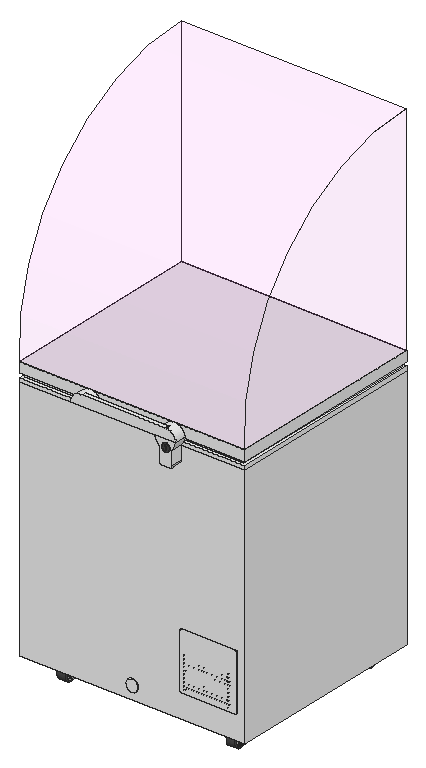
Revit family "QF_Summit_EL11LT_Chest_Freezer", category Specialty Equipment, Revit 2020
Family settings
  Round Connector Dimension = Use Diameter
  Part Type = Normal
  Work Plane-Based = No
  Always vertical = Yes
  Cut with Voids When Loaded = No
  Shared = No
  Room Calculation Point = No
Parameters
  Weight in Pounds = 110
  Watts = Volts * FL Amps  # 828 W
  Volts = 115 V
  URL Cutsheet = ""
  Specification by User = ""
  Specification by Manufacturer = ""
  Show Clearance [instance] = yes
  Serial Number = ""
  Seismic Rating = ""
  SMACNA No = ""
  Revision Code = ""
  Refrigerant Volume = 0.00 kip
  Refrigerant Type = "R290a"
  Phase = 1
  Number of Poles = 1
  NAFEM Spec ID Number = ""
  Model = "EL11LT"
  Min Ckt Ampacity = 0 A
  Max Overcurrent Protection = 0 A
  Masterspec = ""
  Manufacturer = "Summit"
  Length = 28 1/2"
  Item Number = ""
  Installed By = ""
  Identify Quantity as Lot = yes
  Height = 36 1/4"
  HP = ""
  Furnished By = ""
  Foodservice Equipment Identifier = yes
  FL Amps = 7.2 A
  Electrical Remarks = ""
  Electric Connection Type = ""
  Elec Conn RI Height = 0"
  Elec Conn Connection Height = 0"
  Description = "Chest Freezer"
  Depth = 28 3/4"
  Default Elevation = 0"
  Cycle = 60 Hz
  Conn Plug = ""
  Conn Conduit = yes
  CSI MasterFormat = ""
  BTUH = 0.0 Btu/h
  Apparent Power = 0 VA
Reference planes (in)
  plane 1 "BACK": y = 0
  plane 2: z = 0
  plane 3 "LEFT": x = 0
  plane 4 "RIGHT": x = 28.5
  plane 5 "FRONT": y = -28.75
  plane 6 "TOP": z = 36.25
  plane 7 "Center Y": x = 14.25
  plane 8 "Center X": y = -14.375
Dimensions and locks (in)
  equal spacing: plane 3 "LEFT", plane 7 "Center Y", plane 4 "RIGHT"
  "Length": plane 3 "LEFT" to plane 4 "RIGHT"
  equal spacing: plane 5 "FRONT", plane 8 "Center X", plane 1 "BACK"
  "Depth": plane 5 "FRONT" to plane 1 "BACK"
  "Height": plane 6 "TOP" to level
  nested 1 to level = 63 3/4"
  aligned and locked: level to plane 2
Nested families (in)
  nested 1: "EL11LT" at (0, 0, 0), Show Clearance <- "Show Clearance", type "EL11LT"
    with Show Clearance yes
Connectors (in)
  electrical at (26.28628, -1.60809, 5.82576), driven by "Volts", driven by "Watts"
    settings: on nested 1, index 1, voltage 115 V, apparent load 828 VA, apparent load phase1 0 VA, apparent load phase2 0 VA, apparent load phase3 0 VA, power factor 1, load classification "Other", number of poles 1, system type 30, power factor state 1, is connector primary yes, connector utility no, sub classification motor no, connector description "ELECTRICAL CONNECTION"
Definition of nested family "EL11LT"
  Parameters (values of type "EL11LT")
    Weight in Pounds = 0
    URL Cutsheet = ""
    Specification by User = ""
    Specification by Manufacturer = ""
    Show Clearance [instance] = yes
    Serial Number = ""
    Seismic Rating = ""
    SMACNA No = ""
    Revision Code = ""
    NAFEM Spec ID Number = ""
    Masterspec = ""
    Length = 28 1/2"
    Item Number = ""
    Installed By = ""
    Identify Quantity as Lot = yes
    Height = 36 1/4"
    Furnished By = ""
    Foodservice Equipment Identifier = yes
    Depth = 28 3/4"
    Default Elevation = 0"
    CSI MasterFormat = ""
  Reference planes (in)
    plane 1 "BACK": y = 0
    plane 2: z = 0
    plane 3 "LEFT": x = 0
    plane 4 "RIGHT": x = 28.5
    plane 5 "FRONT": y = -28.75
    plane 6 "TOP": z = 36.25
    plane 7 "Center Y": x = 14.25
    plane 8 "Center X": y = -14.375
    plane 9: z = 63.75
  Forms (in)
    Extrusion 1, solid
      sketch origin (-38.39759, -180, 36.25) x (-1, 0, 0) y (0, -1, 0)
        loop
          line (-38.39759, -178.36066) -> (-38.39759, -152.67549) -> (-66.89759, -152.67549) -> (-66.89759, -178.36066) -> (-38.39759, -178.36066)
      from 0 to -1.33909
    Extrusion 2, solid
      sketch origin (-38.39759, -180, 34.91091) x (0, -1, 0) y (-1, 0, 0)
        loop
          line (-178.04816, -38.72397) -> (-178.04816, -66.57121) -> (-152.98799, -66.57121) -> (-152.98799, -38.72397) -> (-178.04816, -38.72397)
      from 0 to 0.47496
    Extrusion 3, solid
      sketch origin (-38.39759, -180, 34.43595) x (1, 0, 0) y (0, -1, 0)
        loop
          line (38.39759, -178.36066) -> (66.89759, -178.36066) -> (66.89759, -152.67549) -> (38.39759, -152.67549) -> (38.39759, -178.36066)
      from 0 to 0.52505
    Extrusion 4, solid
      sketch origin (-38.39759, -180, 34.43595) x (1, 0, 0) y (0, -1, 0)
        loop
          line (38.39759, -178.36066) -> (66.89759, -178.36066) -> (66.89759, -152.67549) -> (38.39759, -152.67549) -> (38.39759, -178.36066)
      from 31.61885 to 0.52505
    Extrusion 5, solid
      sketch origin (-38.39759, -180, 34.91091) x (0, -1, 0) y (-1, 0, 0)
        loop
          line (-151.25, -47.48713) -> (-151.73312, -47.48713) -> (-151.73312, -58.1418) -> (-151.25, -58.1418) -> (-151.25, -47.48713)
      from 0 to -1.33909
    Extrusion 6, solid
      sketch origin (28.5, -27.32451, 36.25) x (-1, 0, 0) y (0, 0, -1)
        loop
          line (20.90043, 1.33909) -> (18.27543, 1.33909) -> (18.27543, 1.06749)
          arc (18.27543, 1.06749) -> (19.58932, -0.0009) -> (20.90043, 1.07091) r 1.33995
          line (20.90043, 1.07091) -> (20.90043, 1.33909)
        loop
          line (7.62933, 1.33909) -> (7.62933, 1.29672)
          arc (7.62933, 1.29672) -> (8.92621, -0.00016) -> (10.22308, 1.29672) r 1.29687
          line (10.22308, 1.29672) -> (10.22308, 1.33909) -> (7.62933, 1.33909)
      from 0 to 1.42549
    Extrusion 7, solid
      sketch origin (0, -28.75, 0) x (1, 0, 0) y (0, 0, 1)
        loop
          arc (18.27692, 34.91091) -> (18.49936, 34.37364) -> (18.8515, 33.9109) r 2.26047
          line (18.8515, 33.9109) -> (18.8515, 32.1216)
          arc (18.8515, 32.1216) -> (18.92203, 31.95133) -> (19.0923, 31.8808) r 0.2408
          line (19.0923, 31.8808) -> (20.1593, 31.8808)
          arc (20.1593, 31.8808) -> (20.35829, 31.96323) -> (20.44072, 32.16222) r 0.28142
          line (20.44072, 32.16222) -> (20.44072, 33.9109)
          arc (20.44072, 33.9109) -> (20.71122, 34.38703) -> (20.87067, 34.91091) r 2.48088
          line (20.87067, 34.91091) -> (18.27692, 34.91091)
      from 0 to -1.42549
    Extrusion 8, solid
      sketch origin (28.5, -27.32451, 34.43595) x (-1, 0, 0) y (0, 0, -1)
        loop
          arc (7.94277, 21.38464) -> (8.08672, 21.44427) -> (8.14635, 21.58822) r 0.20358
          line (8.14635, 21.58822) -> (8.14635, 28.36902)
          arc (8.14635, 28.36902) -> (8.08685, 28.51265) -> (7.94322, 28.57214) r 0.20313
          line (7.94322, 28.57214) -> (1.16197, 28.57214)
          arc (1.16197, 28.57214) -> (1.01834, 28.51265) -> (0.95885, 28.36902) r 0.20313
          line (0.95885, 28.36902) -> (0.95885, 21.58777)
          arc (0.95885, 21.58777) -> (1.01834, 21.44413) -> (1.16197, 21.38464) r 0.20313
          line (1.16197, 21.38464) -> (7.94277, 21.38464)
      from 0 to 0.03125
    Extrusion 9, solid
      sketch origin (28.5, -27.32451, 34.43595) x (-1, 0, 0) y (0, 0, -1)
        loop
          circle (14.25, 29.97449) r 0.75
      from 0 to 0.03125
    Extrusion 10, solid
      sketch origin (0, -1.63934, 34.43595) x (1, 0, 0) y (0, 0, -1)
        loop
          circle (22.94684, 28.62738) r 0.92984
        loop
          circle (5.55316, 28.62738) r 0.92984
      from 0 to 1.63934
    Extrusion 11, void
      sketch origin (28.5, -27.35576, 34.43595) x (1, 0, 0) y (0, 0, -1)
        loop
          line (-7.68475, 24.23604) -> (-1.8226, 24.23604) -> (-1.8226, 24.3155) -> (-7.68475, 24.3155) -> (-7.68475, 24.23604)
      from 0 to 0.01747
    Extrusion 12, void
      sketch origin (28.5, -27.35576, 30.53794) x (1, 0, 0) y (0, 0, -1)
        loop
          line (-7.68475, 24.23604) -> (-1.8226, 24.23604) -> (-1.8226, 24.3155) -> (-7.68475, 24.3155) -> (-7.68475, 24.23604)
      from 0 to 0.01747
    Extrusion 13, void
      sketch origin (28.5, -27.35576, 34.00284) x (1, 0, 0) y (0, 0, -1)
        loop
          line (-7.68475, 24.23604) -> (-1.8226, 24.23604) -> (-1.8226, 24.3155) -> (-7.68475, 24.3155) -> (-7.68475, 24.23604)
      from 0 to 0.01747
    Extrusion 14, void
      sketch origin (28.5, -27.35576, 33.56972) x (1, 0, 0) y (0, 0, -1)
        loop
          line (-7.68475, 24.23604) -> (-1.8226, 24.23604) -> (-1.8226, 24.3155) -> (-7.68475, 24.3155) -> (-7.68475, 24.23604)
      from 0 to 0.01747
    Extrusion 15, void
      sketch origin (28.5, -27.35576, 33.13661) x (1, 0, 0) y (0, 0, -1)
        loop
          line (-7.68475, 24.23604) -> (-1.8226, 24.23604) -> (-1.8226, 24.3155) -> (-7.68475, 24.3155) -> (-7.68475, 24.23604)
      from 0 to 0.01747
    Extrusion 16, void
      sketch origin (28.5, -27.35576, 32.7035) x (1, 0, 0) y (0, 0, -1)
        loop
          line (-7.68475, 24.23604) -> (-1.8226, 24.23604) -> (-1.8226, 24.3155) -> (-7.68475, 24.3155) -> (-7.68475, 24.23604)
      from 0 to 0.01747
    Extrusion 17, void
      sketch origin (28.5, -27.35576, 32.27039) x (1, 0, 0) y (0, 0, -1)
        loop
          line (-7.68475, 24.23604) -> (-1.8226, 24.23604) -> (-1.8226, 24.3155) -> (-7.68475, 24.3155) -> (-7.68475, 24.23604)
      from 0 to 0.01747
    Extrusion 18, void
      sketch origin (28.5, -27.35576, 31.83728) x (1, 0, 0) y (0, 0, -1)
        loop
          line (-7.68475, 24.23604) -> (-1.8226, 24.23604) -> (-1.8226, 24.3155) -> (-7.68475, 24.3155) -> (-7.68475, 24.23604)
      from 0 to 0.01747
    Extrusion 19, void
      sketch origin (28.5, -27.35576, 31.40416) x (1, 0, 0) y (0, 0, -1)
        loop
          line (-7.68475, 24.23604) -> (-1.8226, 24.23604) -> (-1.8226, 24.3155) -> (-7.68475, 24.3155) -> (-7.68475, 24.23604)
      from 0 to 0.01747
    Extrusion 20, void
      sketch origin (28.5, -27.35576, 30.97105) x (1, 0, 0) y (0, 0, -1)
        loop
          line (-7.68475, 24.23604) -> (-1.8226, 24.23604) -> (-1.8226, 24.3155) -> (-7.68475, 24.3155) -> (-7.68475, 24.23604)
      from 0 to 0.01747
    Extrusion 21, void
      sketch origin (28.5, -28.75, 36.25) x (1, 0, 0) y (0, 0, -1)
        loop
          circle (-8.84594, 2.23456) r 0.5
      from 0 to 0.10205
    Extrusion 22, solid
      sketch origin (0, -1.63934, 34.43595) x (1, 0, 0) y (0, 0, -1)
        loop
          circle (26.28628, 28.61018) r 0.25
      from 0 to 0.03125
    Extrusion 23, solid
      sketch origin (28.5, -28.64795, 36.25) x (-1, 0, 0) y (0, 0, -1)
        loop
          circle (8.84594, 2.23456) r 0.5
        loop
          arc (8.81201, 2.13764) -> (8.84594, 1.91452) -> (8.87987, 2.13764) r 0.11414
          line (8.87987, 2.13764) -> (8.87987, 2.57313) -> (8.84594, 2.60706) -> (8.81201, 2.57313) -> (8.81201, 2.13764)
      from 0 to 0.10205
    Extrusion 24, solid, visible <- "Show Clearance"
      sketch origin (0, 0, 0) x (0, 1, 0) y (0, 0, 1)
        loop
          line (-27.32451, 36.25) -> (-1.63934, 36.25) -> (-1.63934, 63.74992)
          arc (-1.63934, 63.74992) -> (-20.47449, 55.59707) -> (-27.32451, 36.25) r 25.68517
      from 0 to 28.5
  Cuts and joins
    joined: Extrusion 5, Extrusion 6
    Extrusion 11, Extrusion 12, Extrusion 13, Extrusion 14, Extrusion 15, Extrusion 16, Extrusion 17, Extrusion 18, Extrusion 19, Extrusion 20, Extrusion 21 cuts Extrusion 4
    Extrusion 11, Extrusion 12, Extrusion 13, Extrusion 14, Extrusion 15, Extrusion 16, Extrusion 17, Extrusion 18, Extrusion 19, Extrusion 20 cuts Extrusion 8
    Extrusion 21 cuts Extrusion 2
    Extrusion 21 cuts Extrusion 3
    Extrusion 21 cuts Extrusion 7
  Lines and regions (in)
    Split face 1
      outline origin (28.5, -27.35576, 34.43595) x (-1, 0, 0) y (0, 0, -1)
        loop
          line (6.2016, 21.64173) -> (6.2016, 23.39173) -> (2.9516, 23.39173) -> (2.9516, 21.64173) -> (6.2016, 21.64173)
    Split face 2
      outline origin (28.5, -27.35576, 34.43595) x (-1, 0, 0) y (0, 0, -1)
        loop
          line (5.88255, 21.98724) -> (5.88255, 22.98724) -> (4.01483, 22.98724) -> (4.01483, 21.98724) -> (5.88255, 21.98724)
    symbolic lines
      curve 1: line (0, -1.63934, 0) -> (28.5, -1.63934, 0)
      curve 2: line (0, -27.32451, 0) -> (0, -1.63934, 0)
      curve 3: line (28.5, -27.32451, 0) -> (0, -27.32451, 0)
      curve 4: line (28.5, -1.63934, 0) -> (28.5, -27.32451, 0)
      curve 5: line (4.62331, 0, 0) -> (4.62331, -1.63934, 0)
      curve 6: line (4.62331, 0, 0) -> (6.483, 0, 0)
      curve 7: line (6.483, 0, 0) -> (6.483, -1.63934, 0)
      curve 8: line (22.017, 0, 0) -> (23.87669, 0, 0)
      curve 9: line (23.87669, 0, 0) -> (23.87669, -1.63934, 0)
      curve 10: line (22.017, 0, 0) -> (22.017, -1.63934, 0)
      curve 11: line (7.59957, -28.75, 0) -> (7.59957, -27.32451, 0)
      curve 12: line (7.59957, -28.75, 0) -> (20.87067, -28.75, 0)
      curve 13: line (20.87067, -28.75, 0) -> (20.87067, -27.32451, 0)
      curve 14: line (18.27692, -28.26688, 0) -> (18.27692, -27.32451, 0)
      curve 15: line (10.22457, -28.26688, 0) -> (10.22457, -27.32451, 0)
      curve 16: line (10.22457, -28.26688, 0) -> (18.27692, -28.26688, 0)
      curve 17: line (20.87067, -27.35576, 0) -> (27.54115, -27.35576, 0)
      curve 18: line (27.54115, -27.35576, 0) -> (27.54115, -27.32451, 0)
      curve 19: line (13.5, -27.35576, 0) -> (13.5, -27.32451, 0)
      curve 20: line (13.5, -27.35576, 0) -> (15, -27.35576, 0)
      curve 21: line (15, -27.35576, 0) -> (15, -27.32451, 0)
  Dimensions and locks (in)
    equal spacing: plane 3 "LEFT", plane 7 "Center Y", plane 4 "RIGHT"
    "Length": plane 3 "LEFT" to plane 4 "RIGHT"
    equal spacing: plane 5 "FRONT", plane 8 "Center X", plane 1 "BACK"
    "Depth": plane 5 "FRONT" to plane 1 "BACK"
    "Height": plane 6 "TOP" to level
    equal spacing: group 1, group 3, group 4, group 5, group 6, group 7, group 8, group 9, group 10, group 2  (x2)
    equal spacing: group 2, group 10, group 9, group 8, group 7, group 6, group 5, group 4, group 3, group 1
    cut or joined group of Extrusion 4, Extrusion 11, Extrusion 12, Extrusion 13, Extrusion 14, Extrusion 15, Extrusion 16, Extrusion 17, Extrusion 18, Extrusion 19, Extrusion 20, Extrusion 21 to level = 2.8171"
    plane 9 to level = 63 3/4"
    aligned and locked: level to plane 2
  Automatic sketch dimensions
    Extrusion 1 sketch curve to plane 4 "RIGHT" = 0"
    Extrusion 1 sketch curve to plane 3 "LEFT" = 0"
    plane 1 "BACK" to Extrusion 1 sketch curve = 1.63934"
    Extrusion 1 sketch curve to plane 5 "FRONT" = 1.42549"
    Extrusion 1 to Extrusion 2 sketch curve = 5/16"  (x2)
    Extrusion 1 to Extrusion 2 sketch curve = 0.32638"  (x2)
    Extrusion 3 sketch curve to Extrusion 2 = 0.32638"  (x2)
    Extrusion 3 sketch curve to Extrusion 2 = 5/16"  (x2)
    Extrusion 4 sketch curve to Extrusion 2 = 0.32638"  (x2)
    Extrusion 4 sketch curve to Extrusion 2 = 5/16"  (x2)
    Extrusion 5 sketch curve to Extrusion 1 = 0.94237"
    Extrusion 5 sketch curve to Extrusion 5 sketch curve = 0.48312"
    Extrusion 1 to Extrusion 5 sketch curve = 9.08953"
    Extrusion 1 to Extrusion 5 sketch curve = 8.7558"
    Extrusion 6 sketch curve to Extrusion 1 = 0"  (x2)
    Extrusion 6 sketch curve to Extrusion 1 = 7.62933"
    Extrusion 1 to Extrusion 6 sketch curve = 0.04238"
    Extrusion 6 sketch curve to Extrusion 6 sketch curve = 1 19/64"
    Extrusion 6 sketch curve to Extrusion 6 sketch curve = 8.05235"
    Extrusion 1 to Extrusion 6 sketch curve = 0.00004"
    Extrusion 6 sketch curve to Extrusion 6 sketch curve = 1.31215"
    Extrusion 1 to Extrusion 6 sketch curve = 0.26819"
    Extrusion 6 sketch curve to Extrusion 6 sketch curve = 1.31285"
    Extrusion 7 sketch curve to Extrusion 7 sketch curve = 0.2408"
    Extrusion 7 sketch curve to Extrusion 7 sketch curve = 0.28142"
    Extrusion 7 sketch curve to plane 6 "TOP" = 4.3692"
    Extrusion 7 sketch curve to Extrusion 7 sketch curve = 1.78929"
    Extrusion 7 sketch curve to Extrusion 7 sketch curve = 0"
    Extrusion 7 sketch curve to Extrusion 7 sketch curve = 1"
    Extrusion 7 sketch curve to Extrusion 7 sketch curve = 1.067"
    Extrusion 7 sketch curve to plane 6 "TOP" = 0.88306"
    Extrusion 7 sketch curve to Extrusion 7 sketch curve = 0.15514"
    plane 7 "Center Y" to Extrusion 7 sketch curve = 4.02692"
    Extrusion 7 sketch curve to Extrusion 7 sketch curve = 0.57458"
    Extrusion 7 sketch curve to Extrusion 7 sketch curve = 0.41134"
    Extrusion 8 sketch curve to Extrusion 4 = 0.95885"
    Extrusion 8 sketch curve to Extrusion 8 sketch curve = 13/64"  (x2)
    Extrusion 8 sketch curve to Extrusion 8 sketch curve = 6.78079"  (x2)
    Extrusion 4 to Extrusion 8 sketch curve = 3.24983"
    Extrusion 8 sketch curve to Extrusion 8 sketch curve = 6 25/32"
    Extrusion 8 sketch curve to Extrusion 8 sketch curve = 0.20358"
    Split face 1 sketch curve to Extrusion 8 = 0.25708"
    Split face 1 sketch curve to Extrusion 8 = 1.99275"
    Split face 1 sketch curve to Extrusion 8 = 1.94475"
    Split face 1 sketch curve to Split face 1 sketch curve = 1 3/4"
    Split face 2 sketch curve to Extrusion 8 = 0.6026"
    Split face 2 sketch curve to Extrusion 8 = 3.05598"
    Split face 2 sketch curve to Split face 2 sketch curve = 1.86773"
    Split face 2 sketch curve to Split face 2 sketch curve = 1"
    Extrusion 4 to Extrusion 9 sketch curve = 1.64436"
    Extrusion 9 sketch curve to Extrusion 4 = 14 1/4"
    Extrusion 10 sketch curve to Extrusion 4 = 5.55316"  (x2)
    Extrusion 4 to Extrusion 10 sketch curve = 2.99147"  (x2)
    Extrusion 21 sketch curve to Extrusion 6 = 1.21661"
    Extrusion 6 to Extrusion 21 sketch curve = 0.89547"
    Extrusion 22 sketch curve to Extrusion 4 = 2.21372"
    Extrusion 4 to Extrusion 22 sketch curve = 3.00867"
    Extrusion 23 sketch curve to Extrusion 23 sketch curve = 0.03393"  (x3)
    Extrusion 23 sketch curve to Extrusion 23 sketch curve = 0.06786"
    Extrusion 23 sketch curve to Extrusion 23 sketch curve = 0.09692"
    Extrusion 23 sketch curve to Extrusion 23 sketch curve = 0.10898"
    Extrusion 23 sketch curve to Extrusion 23 sketch curve = 0.33857"
    Extrusion 23 sketch curve to Extrusion 23 sketch curve = 0"
    curve 1 to plane 3 "LEFT" = 0"
    plane 1 "BACK" to curve 5 = 0"
    plane 5 "FRONT" to curve 12 = 0"
    plane 1 "BACK" to curve 10 = 0"
    curve 3 to plane 4 "RIGHT" = 0"
    plane 3 "LEFT" to curve 5 = 4.62331"
    curve 5 to curve 7 = 1.85969"
    curve 12 to plane 7 "Center Y" = 6.65043"
    curve 16 to plane 5 "FRONT" = 0.48312"
    curve 11 to curve 16 = 2 5/8"
    curve 20 to plane 7 "Center Y" = 3/4"
    plane 7 "Center Y" to curve 16 = 4.02692"
    curve 14 to curve 13 = 2 19/32"
    plane 4 "RIGHT" to curve 10 = 6.483"
    curve 8 to curve 8 = 1.85969"
    plane 4 "RIGHT" to curve 18 = 0.95885"
    curve 18 to plane 5 "FRONT" = 1.39424"
    curve 17 to curve 4 = 1/32"
    plane 1 "BACK" to curve 1 = 1.63934"
    plane 7 "Center Y" to curve 20 = 3/4"
    curve 20 to curve 21 = 1/32"
    Extrusion 24 sketch curve to plane 6 "TOP" = 0"
    plane 1 "BACK" to Extrusion 24 sketch curve = 1.63934"
    plane 6 "TOP" to Extrusion 24 sketch curve = 27.49992"
    Extrusion 11 sketch curve to Extrusion 11 sketch curve = 5.86216"
    Extrusion 11 sketch curve to Extrusion 11 sketch curve = 0.07946"
    Extrusion 12 sketch curve to Extrusion 12 sketch curve = 5.86216"
    Extrusion 12 sketch curve to Extrusion 12 sketch curve = 0.07946"
    Extrusion 13 sketch curve to Extrusion 13 sketch curve = 5.86216"
    Extrusion 13 sketch curve to Extrusion 13 sketch curve = 0.07946"
    Extrusion 14 sketch curve to Extrusion 14 sketch curve = 5.86216"
    Extrusion 14 sketch curve to Extrusion 14 sketch curve = 0.07946"
    Extrusion 15 sketch curve to Extrusion 15 sketch curve = 5.86216"
    Extrusion 15 sketch curve to Extrusion 15 sketch curve = 0.07946"
    Extrusion 16 sketch curve to Extrusion 16 sketch curve = 5.86216"
    Extrusion 16 sketch curve to Extrusion 16 sketch curve = 0.07946"
    Extrusion 17 sketch curve to Extrusion 17 sketch curve = 5.86216"
    Extrusion 17 sketch curve to Extrusion 17 sketch curve = 0.07946"
    Extrusion 18 sketch curve to Extrusion 18 sketch curve = 5.86216"
    Extrusion 18 sketch curve to Extrusion 18 sketch curve = 0.07946"
    Extrusion 19 sketch curve to Extrusion 19 sketch curve = 5.86216"
    Extrusion 19 sketch curve to Extrusion 19 sketch curve = 0.07946"
    Extrusion 20 sketch curve to Extrusion 20 sketch curve = 5.86216"
    Extrusion 20 sketch curve to Extrusion 20 sketch curve = 0.07946"
    radius of Extrusion 9 sketch curve = 3/4"
    radius of Extrusion 10 sketch curve = 0.92984"  (x2)
    radius of Extrusion 21 sketch curve = 1/2"
    radius of Extrusion 22 sketch curve = 1/4"
    radius of Extrusion 23 sketch curve to Extrusion 21 = 0"
  Nested families (in)
    nested 1: "2 INCHES_CASTER" at (3.5, -24.75, 0), type "2 INCHES_CASTER"
      with Type Mark "", Specification by User "", Revision Code "", Item Number "", Installed By "", Identify Quantity as Lot yes, Furnished By "", Foodservice Equipment Identifier yes, 2.5 Inches Caster yes
    nested 2: "2 INCHES_CASTER" at (25, -24.75, 0), type "2 INCHES_CASTER"
      with Type Mark "", Specification by User "", Revision Code "", Item Number "", Installed By "", Identify Quantity as Lot yes, Furnished By "", Foodservice Equipment Identifier yes, 2.5 Inches Caster yes
    nested 3: "2 INCHES_CASTER" at (3.5, -4, 0), type "2 INCHES_CASTER"
      with Type Mark "", Specification by User "", Revision Code "", Item Number "", Installed By "", Identify Quantity as Lot yes, Furnished By "", Foodservice Equipment Identifier yes, 2.5 Inches Caster yes
    nested 4: "2 INCHES_CASTER" at (25, -4, 0), type "2 INCHES_CASTER"
      with Type Mark "", Specification by User "", Revision Code "", Item Number "", Installed By "", Identify Quantity as Lot yes, Furnished By "", Foodservice Equipment Identifier yes, 2.5 Inches Caster yes
  Definition of nested family "2 INCHES_CASTER"
    Parameters (values of type "2 INCHES_CASTER")
      Weight = ""
      URL Manufacturer = ""
      URL Cutsheet = ""
      URL = ""
      Type Mark [instance] = ""
      Specification by User [instance] = ""
      Specification by Manufacturer = ""
      Serial Number = ""
      Seismic Rating = ""
      SMACNA No = ""
      Revision Code [instance] = ""
      Omniclass Number and Title = ""
      NAFEM Spec ID Number = ""
      Model = ""
      MasterSpec. = ""
      Manufacturer = ""
      Item Number [instance] = ""
      Installed By [instance] = ""
      Identify Quantity as Lot [instance] = yes
      Furnished By [instance] = ""
      Foodservice Equipment Identifier [instance] = yes
      Description = ""
      Default Elevation = 0"
      CSI MasterFormat = ""
      CSI Master Format = ""
      Assembly Code = ""
      2.5 Inches Caster [instance] = yes
    Reference planes (in)
      plane 1: z = 0
      plane 2 "RIGHT": x = 0
      plane 3 "FRONT": y = 0
      plane 4 "TOP": z = 2.8125
    Forms (in)
      Revolve 1, solid, visible <- "2.5 Inches Caster"
        sketch origin (-1.93794, 0.46818, -1.0041) x (1, 0, 0) y (0, 0, 1)
          loop
            line (0.74055, 1.86347) -> (0.74055, 1.78797) -> (0.79055, 1.73797) -> (0.85055, 1.73797) -> (0.85055, 1.6179) -> (1.235, 1.6179) -> (1.235, 1.55055) -> (1.38673, 1.46295) -> (1.4003, 1.3791) -> (1.34375, 1.3791) -> (1.34375, 1.2541) -> (1.375, 1.2541) -> (1.375, 1.0041) -> (2.48438, 1.0041) -> (2.48438, 1.2541) -> (2.51563, 1.2541) -> (2.51563, 1.3791) -> (2.45908, 1.3791) -> (2.47322, 1.46647) -> (2.62438, 1.55374) -> (2.62438, 1.6179) -> (3.04007, 1.6179) -> (3.04007, 1.73797) -> (3.10007, 1.73797) -> (3.15007, 1.78797) -> (3.15007, 1.86347) -> (0.74055, 1.86347)
          axis (0.74055, 1.86347) -> (3.15007, 1.86347)
        angle from 0 to 360
      Extrusion 2, solid, visible <- "2.5 Inches Caster"
        sketch origin (-1.93794, 1.43296, -3.41527) x (0, 1, 0) y (0, 0, 1)
          loop
            line (-0.64294, 5.3791) -> (-2.21294, 5.3791) -> (-2.21294, 5.24769) -> (-1.37414, 5.24769)
            arc (-1.37414, 5.24769) -> (-0.62115, 5.15851) -> (0.05138, 4.80832) r 2.10495
            line (0.05138, 4.80832) -> (0.12713, 4.91318)
            arc (0.12713, 4.91318) -> (-0.07255, 5.06376) -> (-0.29048, 5.18644) r 1.8753
            line (-0.29048, 5.18644) -> (-0.22239, 5.30423)
            arc (-0.22239, 5.30423) -> (-0.42936, 5.36024) -> (-0.64294, 5.3791) r 1.21859
        from 1.17357 to 2.70231
      Revolve 3, solid, visible <- "2.5 Inches Caster"
        sketch origin (0, 1.73858, -3.75) x (0, 1, 0) y (0, 0, 1)
          loop
            line (-1.73858, 5.71382) -> (-1.05793, 5.71382) -> (-1.05793, 6.5625) -> (-1.73858, 6.5625) -> (-1.73858, 5.71382)
          axis (-1.73858, 5.71382) -> (-1.73858, 6.5625)
        angle from 0 to 360
      Extrusion 4, solid, visible <- "2.5 Inches Caster"
        sketch origin (-1.98481, 1.43296, -1.7541) x (0, 1, 0) y (0, 0, 1)
          loop
            line (-2.21294, 3.71792) -> (-2.21294, 3.58652) -> (-1.94904, 3.58652)
            arc (-1.94904, 3.58652) -> (-1.56115, 3.28048) -> (-1.39241, 2.81612) r 0.90292
            arc (-1.39241, 2.81612) -> (-1.36136, 2.62044) -> (-1.29729, 2.43295) r 1.15385
            arc (-1.29729, 2.43295) -> (-0.94802, 2.21237) -> (-0.6121, 2.45278) r 0.37001
            arc (-0.6121, 2.45278) -> (-0.59625, 2.50123) -> (-0.58446, 2.55082) r 0.61695
            arc (-0.58446, 2.55082) -> (-0.36134, 2.95548) -> (0.05609, 3.15367) r 0.75313
            line (0.05609, 3.15367) -> (0.12713, 3.252)
            arc (0.12713, 3.252) -> (-0.07255, 3.40259) -> (-0.29048, 3.52526) r 1.8753
            line (-0.29048, 3.52526) -> (-0.22239, 3.64306)
            arc (-0.22239, 3.64306) -> (-0.42936, 3.69906) -> (-0.64294, 3.71792) r 1.21859
            line (-0.64294, 3.71792) -> (-2.21294, 3.71792)
        from 2.74918 to 2.90825
      Extrusion 5, solid, visible <- "2.5 Inches Caster"
        sketch origin (1.98481, 1.43296, -1.7541) x (0, 1, 0) y (0, 0, -1)
          loop
            arc (-0.58446, -2.55082) -> (-0.59625, -2.50123) -> (-0.6121, -2.45278) r 0.61695
            arc (-0.6121, -2.45278) -> (-0.94802, -2.21237) -> (-1.29729, -2.43295) r 0.37001
            arc (-1.29729, -2.43295) -> (-1.36136, -2.62044) -> (-1.39241, -2.81612) r 1.15385
            arc (-1.39241, -2.81612) -> (-1.56115, -3.28048) -> (-1.94904, -3.58652) r 0.90292
            line (-1.94904, -3.58652) -> (-2.21294, -3.58652) -> (-2.21294, -3.71792) -> (-0.64294, -3.71792)
            arc (-0.64294, -3.71792) -> (-0.42936, -3.69906) -> (-0.22239, -3.64306) r 1.21859
            line (-0.22239, -3.64306) -> (-0.29048, -3.52526)
            arc (-0.29048, -3.52526) -> (-0.07255, -3.40259) -> (0.12713, -3.252) r 1.8753
            line (0.12713, -3.252) -> (0.05609, -3.15367)
            arc (0.05609, -3.15367) -> (-0.36134, -2.95548) -> (-0.58446, -2.55082) r 0.75313
        from 2.74918 to 2.90825
    Lines and regions (in)
      symbolic lines, visible <- "2.5 Inches Caster"
        curve 1: line (0.10651, 1.59133, 0) -> (0.80944, 1.1855, 0)
        curve 2: line (-0.89349, -0.14072, 0) -> (0.10651, 1.59133, 0)
        curve 3: line (-0.19056, -0.54656, 0) -> (-0.89349, -0.14072, 0)
        curve 4: line (0.80944, 1.1855, 0) -> (-0.19056, -0.54656, 0)
    Dimensions and locks (in)
      plane 4 "TOP" to level = 2 13/16"  (x2)
      aligned and locked: level to plane 1
